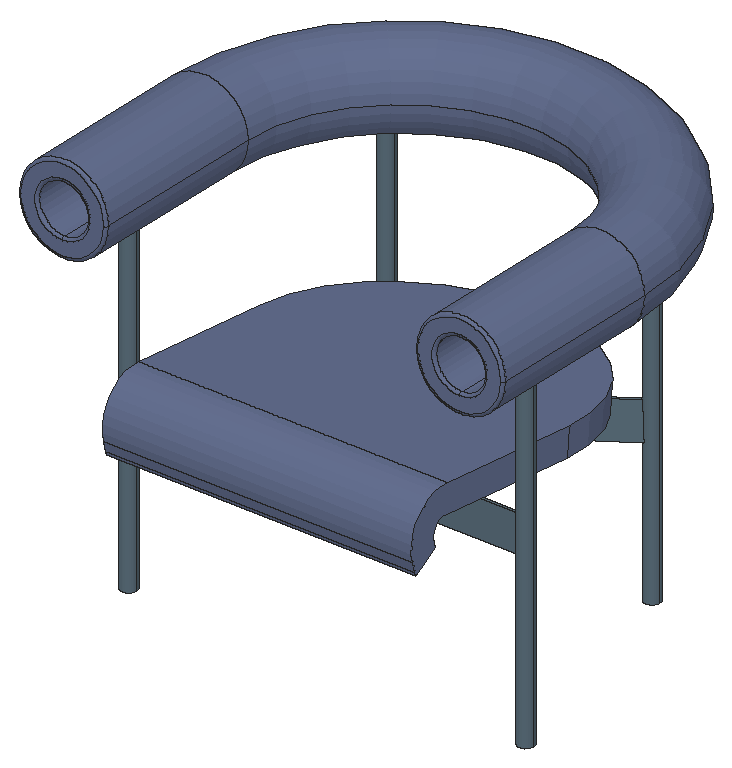
Revit family "Font_Easy_Chair_Offecct", category Furniture, Revit 2018
Family settings
  OmniClass Number = 23.40.20.14.14.11
  OmniClass Title = Chairs
  Work Plane-Based = No
  Always vertical = Yes
  Cut with Voids When Loaded = No
  Shared = No
  Room Calculation Point = No
Parameters (values of type "Font, Easy Chair")
  WarrantyStartDate [instance] = "n/a"
  WarrantyGuarantorParts = "n/a"
  WarrantyGuarantorLabor = "n/a"
  WarrantyDurationUnit = "n/a"
  WarrantyDurationParts = "n/a"
  WarrantyDurationLabor = "n/a"
  WarrantyDescription = "n/a"
  VersionDate = "21/01/2021"  # constant formula
  Version = "1"  # constant formula
  Uniclass2015Reference = "Pr_40_50_12_26"
  Uniclass2015Description = "Easy chairs"
  Uniclass2 = "Pr_40_50_12_48"
  URL = ""
  Type Comments = ""
  TagNumber [instance] = "n/a"
  SustainabilityPerformance = "n/a"
  Size = "880x770x760 mm"
  Shape = "n/a"
  SerialNumber [instance] = "n/a"
  SeatingHeight = 430 mm
  Revision = "n/a"
  ReplacementCost = "n/a"
  ProductInformation = "n/a"
  NominalLength = 880 mm
  NominalHeight = 760 mm
  NominalDepth = 770 mm
  Name = "Font_Easy_Chair"
  ModelReference = "n/a"
  ModelNumber = "10126"
  Material = "Steel&Fabric"
  ManufacturerURL = "https://www.offecct.com/"
  ManufacturerName = "Offecct"
  Model = "Font, Easy Chair"
  Manufacturer = "Offecct"
  LowestSeatingHeight = 371.816 mm
  InstallationDate [instance] = "n/a"
  IfcExportType = "CHAIR"  # constant formula
  IfcExportAs = "IfcFurnishingElementType"  # constant formula
  HighestSeatingHeight = 429.598 mm
  Grade = "n/a"
  Finish = "n/a"
  Features = "n/a"
  ExpectedLife = "n/a"
  DurationUnit = "n/a"
  Designer = "Matti Klenell"
  Cost = 0
  ConvergoRefNr = "0019-2101-0005-SE"
  Constituents = "n/a"
  Color = "Multiple"
  CodePerformance = "n/a"
  Barcode [instance] = "n/a"
  AssetIdentifier [instance] = "n/a"
  ArmchairSecondaryMaterial = Dark blue steel
  ArmchairMainMaterial = Kvadrat Halligndal Blue 754
  Category = "Easy Chairs"
  Brand = "Offecct"
  BIMObjectName = "Font_Easy_Chair_Offecct"
  AssetType = "Movable"
  AccessibilityPerformance = "n/a"
Reference planes
  plane 1 "Center (Front/Back)": y = 0
  plane 2: z = 0
  plane 3 "Center (Left/Right)": x = 0
  plane 4: y = 385
  plane 5: y = -385
  plane 6: x = -440
  plane 7: x = 440
  plane 8: z = 760
  plane 9: z = 430
  plane 10: z = 429.598
  plane 11: z = 371.816
Dimensions and locks
  equal spacing: plane 6, plane 3 "Center (Left/Right)", plane 7
  "NominalLength": plane 6 to plane 7
  equal spacing: plane 4, plane 1 "Center (Front/Back)", plane 5
  "NominalDepth": plane 4 to plane 5
  "NominalHeight": plane 8 to level
  "SeatingHeight": plane 9 to level
  "HighestSeatingHeight": plane 10 to level
  "LowestSeatingHeight": level to plane 11
  aligned and locked: level to plane 2
Nested families
  nested 1: "easy chair" at (0, 0, 0), Material 1 <- "ArmchairMainMaterial", Material 2 <- "ArmchairSecondaryMaterial", type "easy chair"
    with Material 2 Dark blue steel, Material 1 Kvadrat Halligndal Blue 754
Definition of nested family "easy chair"
  Parameters (values of type "easy chair")
    Material 2 [instance] = none
    Material 1 [instance] = none
  Reference planes
    plane 1 "Center (Front/Back)": y = 0
    plane 2: z = 0
    plane 3 "Center (Left/Right)": x = 0
    plane 4: x = -440
    plane 5: x = 440
    plane 6: y = 385
    plane 7: y = -385
    plane 8: z = 760
    plane 9: z = 430
  Forms (mm)
    Sweep 1, solid, material <- "Material 1", detail levels medium+fine
      path origin (0, 0, 680) x (1, 0, 0) y (0, 1, 0)
        loop
          line (-360, -375) -> (-360, -55)
          arc (-360, -55) -> (0, 305) -> (360, -55) r 360
          line (360, -55) -> (360, -375)
      profile origin (-360, -215, 680) x (-1, 0, 0) y (0, 0, 1)
        loop
          circle (0, 0) r 80
    Extrusion 2, solid, material <- "Material 2", detail levels medium+fine
      sketch origin (0, 0, 0) x (1, 0, 0) y (0, 1, 0)
        loop
          circle (-240.68, 210.595) r 14
        loop
          circle (240.68, 210.595) r 14
      from 0 to 651.353
    Extrusion 3, solid, material <- "Material 2", detail levels medium+fine
      sketch origin (0, 0, 0) x (1, 0, 0) y (0, 1, 0)
        loop
          circle (-360, -225) r 14
        loop
          circle (360, -225) r 14
      from 0 to 651.353
    Extrusion 4, solid, material <- "Material 2", detail levels medium+fine
      sketch origin (0, 0, -15.888) x (0, 1, 0) y (0, 0, 1)
        loop
          line (-222.313, 386.562) -> (-227.687, 386.562) -> (-227.687, 319.79) -> (-222.313, 319.79) -> (-222.313, 386.562)
      from -359.578 to 359.983
    Extrusion 5, solid, material <- "Material 2", detail levels medium+fine
      sketch origin (0, -37.347, -37.458) x (1, 0, 0) y (0, 0.994522, -0.104528)
        loop
          line (-2.5, -1.134) -> (-2.5, -226.614) -> (2.5, -226.614) -> (2.5, -1.134) -> (237.93, 204.866) -> (234.386, 208.41) -> (0, 3.322) -> (-236.739, 210.469) -> (-240.283, 206.926) -> (-2.5, -1.134)
      from 319.79 to 386.562
    Extrusion 6, void
      sketch origin (0, 0, -15.888) x (0, 1, 0) y (0, 0, 1)
        loop
          line (-227.687, 319.79) -> (-225.812, 319.79) -> (-227.687, 319.987) -> (-227.687, 386.562) -> (-234.493, 386.562) -> (-234.493, 319.79) -> (-227.687, 319.79)
      from -36.334 to 25.335
    Extrusion 7, solid, material <- "Material 1", detail levels medium+fine
      sketch origin (-140.438, 843.238, -11.472) x (0, 1, 0) y (0, 0, 1)
        loop
          line (-1150.653, 391.338) -> (-549.46, 328.843) -> (-544.29, 378.575) -> (-1145.483, 441.07)
          arc (-1145.483, 441.07) -> (-1210.802, 414.549) -> (-1225.26, 345.549) r 75
          line (-1225.26, 345.549) -> (-1219.895, 327.08) -> (-1218.24, 321.384) -> (-1197.257, 333.498) -> (-1173.651, 347.127) -> (-1177.245, 359.498)
          arc (-1177.245, 359.498) -> (-1172.426, 382.498) -> (-1150.653, 391.338) r 25
      from -139.562 to 420.438
    Extrusion 8, void
      sketch origin (0, -13.532, -19.672) x (1, 0, 0) y (0, 0.994522, -0.104528)
        loop
          line (-280, -420) -> (-280, -55.088)
          arc (-280, -55.088) -> (0, 224.912) -> (280, -55.088) r 280
          line (280, -55.088) -> (280, -420) -> (310, -420) -> (310, 348.331) -> (-315, 348.331) -> (-315, -420) -> (-280, -420)
      from 278.776 to 500.776
    Extrusion 9, solid, material <- "Material 1", detail levels coarse
      sketch origin (0, 0, 0) x (1, 0, 0) y (0, 1, 0)
        loop
          line (-440, 385) -> (-440, -385) -> (440, -385) -> (440, 385) -> (-440, 385)
      from 0 to 760
    Sweep 10, void
      path in 3D
        loop
          arc (440, -375, 680) -> (360, -375, 600) -> (280, -375, 680) r 80
          arc (280, -375, 680) -> (360, -375, 760) -> (440, -375, 680) r 80
      profile origin (360, -375, 760) x (0, 0, 1) y (0, -1, 0)
        loop
          line (0, 0) -> (-5, 0)
          arc (-5, 0) -> (-1.464, -1.464) -> (0, -5) r 5
          line (0, -5) -> (0, 0)
    Sweep 11, void
      path in 3D
        loop
          arc (-440, -375, 680) -> (-360, -375, 600) -> (-280, -375, 680) r 80
          arc (-280, -375, 680) -> (-360, -375, 760) -> (-440, -375, 680) r 80
      profile origin (-360, -375, 760) x (0, 0, -1) y (0, -1, 0)
        loop
          line (0, 0) -> (0, -5)
          arc (0, -5) -> (1.464, -1.464) -> (5, 0) r 5
          line (5, 0) -> (0, 0)
    Revolve 12, void
      sketch origin (-360, 0, 0) x (0, 1, 0) y (0, 0, 1)
        loop
          line (-255, 725) -> (-370, 725)
          arc (-370, 725) -> (-373.536, 726.464) -> (-375, 730) r 5
          line (-375, 730) -> (-375, 725) -> (-375, 680) -> (-255, 680) -> (-255, 725)
        axis (-255, 680) -> (-375, 680)
      angle from 0 to 360
    Revolve 13, void
      sketch origin (360, 0, 0) x (0, 1, 0) y (0, 0, -1)
        loop
          line (-255, -725) -> (-255, -680) -> (-375, -680) -> (-375, -725) -> (-375, -730)
          arc (-375, -730) -> (-373.536, -726.464) -> (-370, -725) r 5
          line (-370, -725) -> (-255, -725)
        axis (-255, -680) -> (-375, -680)
      angle from 0 to 360
  Cuts and joins
    Extrusion 6 cuts Extrusion 2
    Extrusion 6, Extrusion 8 cuts Extrusion 3
    Extrusion 6 cuts Extrusion 5
    joined: Extrusion 2, Extrusion 3, Extrusion 4, Extrusion 5
    Sweep 10, Sweep 11, Revolve 12, Revolve 13 cuts Sweep 1
    Extrusion 8, Sweep 10, Sweep 11, Revolve 13 cuts Extrusion 7
    joined: Sweep 1, Extrusion 7
  Lines and regions (mm)
    symbolic lines, detail levels medium+fine
      curve 1: line (0, -385, 0) -> (-280, -385, 0)
      curve 2: line (-280, -385, 0) -> (-280, -375.002, 0)
      curve 3: line (-280, -375.002, 0) -> (-440, -375, 0)
      curve 4: line (-440, -375, 0) -> (-440, -55, 0)
      curve 6: line (0, -385, 0) -> (280, -385, 0)
      curve 7: line (280, -385, 0) -> (280, -375.002, 0)
      curve 8: line (280, -375.002, 0) -> (440, -375, 0)
      curve 9: line (440, -375, 0) -> (440, -55, 0)
      curve 12: arc (-440, -55, 0) -> (0, 385, 0) -> (440, -55, 0) r 440
      curve 13: line (-346, 0, 0) -> (-346, 0, 303.901)
      curve 14: line (-346, 0, 303.901) -> (-254.68, 0, 303.901)
      curve 20: line (-226.68, 0, 0) -> (-226.68, 0, 259.5)
      curve 25: line (-254.68, 0, 0) -> (-254.68, 0, 303.901)
      curve 26: line (-374, 0, 0) -> (-374, 0, 601.235)
      curve 27: line (0, 0, 760) -> (-360, 0, 760)
      curve 33: arc (-360, 0, 760) -> (-439.691, 0, 687.027) -> (-374, 0, 601.235) r 80
      curve 46: line (-374, 0, 0) -> (-346, 0, 0)
      curve 47: line (-254.68, 0, 0) -> (-226.68, 0, 0)
      curve 49: line (346, 0, 0) -> (346, 0, 303.901)
      curve 50: line (346, 0, 303.901) -> (254.68, 0, 303.901)
      curve 56: line (226.68, 0, 0) -> (226.68, 0, 259.5)
      curve 61: line (254.68, 0, 0) -> (254.68, 0, 303.901)
      curve 62: line (374, 0, 0) -> (374, 0, 601.235)
      curve 63: line (0, 0, 760) -> (360, 0, 760)
      curve 69: arc (360, 0, 760) -> (439.691, 0, 687.027) -> (374, 0, 601.235) r 80
      curve 82: line (374, 0, 0) -> (346, 0, 0)
      curve 83: line (254.68, 0, 0) -> (226.68, 0, 0)
      curve 86: line (-226.68, 0, 259.5) -> (0, 0, 280.232)
      curve 87: line (226.68, 0, 259.5) -> (0, 0, 280.232)
      curve 88: line (0, -375, 760) -> (0, 305, 760)
      curve 89: line (0, -375, 600) -> (0, -239, 600)
      curve 90: line (0, -375, 600) -> (0, -375, 760)
      curve 91: arc (0, 305, 600) -> (0, 385, 680) -> (0, 305, 760) r 80
      curve 92: line (0, -239, 0) -> (0, -239, 372.754)
      curve 93: line (0, -239, 0) -> (0, -211, 0)
      curve 94: line (0, -211, 0) -> (0, -211, 302.345)
      curve 95: line (0, 196.595, 0) -> (0, 196.595, 259.505)
      curve 96: line (0, 196.595, 0) -> (0, 224.595, 0)
      curve 97: line (0, 224.595, 0) -> (0, 224.595, 324.563)
      curve 98: line (0, 253.608, 371.816) -> (0, 224.595, 374.832)
      curve 99: line (0, 253.608, 371.816) -> (0, 248.438, 322.084)
      curve 100: line (0, 248.438, 322.084) -> (0, 224.595, 324.563)
      curve 101: line (0, -330.414, 335.655) -> (0, -375.002, 309.912)
      curve 102: line (0, -330.414, 335.655) -> (0, -334.007, 348.026)
      curve 103: line (0, -375.002, 309.912) -> (0, -382.022, 334.077)
      curve 104: arc (0, -334.007, 348.026) -> (0, -329.188, 371.025) -> (0, -307.415, 379.866) r 25
      curve 105: arc (0, -302.245, 429.598) -> (0, -367.564, 403.076) -> (0, -382.022, 334.077) r 75
      curve 107: line (0, -211, 302.345) -> (0, -5.048, 280.698)
      curve 111: line (0, -5.048, 280.698) -> (0, 196.595, 259.505)
      curve 117: line (0, 224.595, 374.832) -> (0, 224.595, 600)
      curve 121: line (0, 224.595, 600) -> (0, 305, 600)
      curve 124: line (0, -239, 423.024) -> (0, -302.245, 429.598)
      curve 125: line (0, -239, 423.024) -> (0, -239, 600)
      curve 126: line (0, -239, 372.754) -> (0, -307.415, 379.866)
    symbolic lines, detail levels fine
      curve 5: line (-280, -375.002, 0) -> (-280, -54.528, 0)
      curve 10: line (280, -375.002, 0) -> (280, -54.528, 0)
      curve 11: arc (-280, -54.528, 0) -> (0, 225.472, 0) -> (280, -54.528, 0) r 280
      curve 15: line (-2.5, 0, 303.901) -> (-2.5, 0, 280.698)
      curve 16: line (-2.5, 0, 280.698) -> (-235.404, 0, 259.396)
      curve 17: line (-235.404, 0, 259.396) -> (-231.043, 0, 259.101)
      curve 18: line (-231.043, 0, 259.101) -> (-226.68, 0, 259.5)
      curve 19: line (-235.404, 0, 259.396) -> (-232.292, 0, 303.901)
      curve 21: line (-346, 0, 370.674) -> (-280, 0, 370.674)
      curve 22: line (-280, 0, 430) -> (-280, 0, 309.912)
      curve 23: line (-280, 0, 309.912) -> (-254.68, 0, 309.912)
      curve 24: line (-280, 0, 430) -> (-254.68, 0, 430)
      curve 28: line (-360, 0, 600) -> (-346, 0, 600)
      curve 29: circle (-360, 0, 680) r 45 normal (0, -1, 0)
      curve 30: line (-346, 0, 600) -> (-254.68, 0, 600)
      curve 31: line (-254.68, 0, 600) -> (-226.68, 0, 600)
      curve 32: line (-226.68, 0, 600) -> (0, 0, 600)
      curve 34: line (-346, 0, 370.674) -> (-346, 0, 600)
      curve 35: line (-346, 0, 303.901) -> (-346, 0, 370.674)
      curve 36: line (-254.68, 0, 303.901) -> (-232.292, 0, 303.901)
      curve 37: line (-226.68, 0, 309.912) -> (0, 0, 309.912)
      curve 38: line (-254.68, 0, 309.912) -> (-226.68, 0, 309.912)
      curve 39: line (-226.68, 0, 303.901) -> (-2.5, 0, 303.901)
      curve 40: line (-232.292, 0, 303.901) -> (-226.68, 0, 303.901)
      curve 41: line (-254.68, 0, 430) -> (-254.68, 0, 600)
      curve 42: line (-254.68, 0, 430) -> (-226.68, 0, 430)
      curve 43: line (-226.68, 0, 430) -> (0, 0, 430)
      curve 44: line (-226.68, 0, 430) -> (-226.68, 0, 600)
      curve 45: arc (-360, 0, 600) -> (-280, 0, 680) -> (-360, 0, 760) r 80
      curve 48: arc (-374, 0, 601.235) -> (-367.027, 0, 600.309) -> (-360, 0, 600) r 80
      curve 51: line (2.5, 0, 303.901) -> (2.5, 0, 280.698)
      curve 52: line (2.5, 0, 280.698) -> (235.404, 0, 259.396)
      curve 53: line (235.404, 0, 259.396) -> (231.043, 0, 259.101)
      curve 54: line (231.043, 0, 259.101) -> (226.68, 0, 259.5)
      curve 55: line (235.404, 0, 259.396) -> (232.292, 0, 303.901)
      curve 57: line (346, 0, 370.674) -> (280, 0, 370.674)
      curve 58: line (280, 0, 430) -> (280, 0, 309.912)
      curve 59: line (280, 0, 309.912) -> (254.68, 0, 309.912)
      curve 60: line (280, 0, 430) -> (254.68, 0, 430)
      curve 64: line (360, 0, 600) -> (346, 0, 600)
      curve 65: circle (360, 0, 680) r 45 normal (0, 1, 0)
      curve 66: line (346, 0, 600) -> (254.68, 0, 600)
      curve 67: line (254.68, 0, 600) -> (226.68, 0, 600)
      curve 68: line (226.68, 0, 600) -> (0, 0, 600)
      curve 70: line (346, 0, 370.674) -> (346, 0, 600)
      curve 71: line (346, 0, 303.901) -> (346, 0, 370.674)
      curve 72: line (254.68, 0, 303.901) -> (232.292, 0, 303.901)
      curve 73: line (226.68, 0, 309.912) -> (0, 0, 309.912)
      curve 74: line (254.68, 0, 309.912) -> (226.68, 0, 309.912)
      curve 75: line (226.68, 0, 303.901) -> (2.5, 0, 303.901)
      curve 76: line (232.292, 0, 303.901) -> (226.68, 0, 303.901)
      curve 77: line (254.68, 0, 430) -> (254.68, 0, 600)
      curve 78: line (254.68, 0, 430) -> (226.68, 0, 430)
      curve 79: line (226.68, 0, 430) -> (0, 0, 430)
      curve 80: line (226.68, 0, 430) -> (226.68, 0, 600)
      curve 81: arc (360, 0, 600) -> (280, 0, 680) -> (360, 0, 760) r 80
      curve 84: arc (374, 0, 601.235) -> (367.027, 0, 600.309) -> (360, 0, 600) r 80
      curve 85: line (-2.5, 0, 303.901) -> (2.5, 0, 303.901)
      curve 106: line (0, -5.048, 280.698) -> (0, 1.918, 347.71)
      curve 108: line (0, -211, 302.345) -> (0, -211, 369.843)
      curve 109: line (0, -211, 369.843) -> (0, -211, 420.113)
      curve 110: line (0, 1.918, 347.71) -> (0, -211, 369.843)
      curve 112: line (0, 196.595, 259.505) -> (0, 196.595, 327.473)
      curve 113: line (0, 196.595, 327.473) -> (0, 196.595, 377.743)
      curve 114: line (0, 196.595, 327.473) -> (0, 1.918, 347.71)
      curve 115: line (0, 196.595, 377.743) -> (0, 196.595, 600)
      curve 116: line (0, 196.595, 377.743) -> (0, -211, 420.113)
      curve 118: line (0, 224.595, 324.563) -> (0, 224.595, 374.832)
      curve 119: line (0, -211, 600) -> (0, 196.595, 600)
      curve 120: line (0, -239, 600) -> (0, -211, 600)
      curve 122: line (0, 196.595, 600) -> (0, 224.595, 600)
      curve 123: line (0, -211, 420.113) -> (0, -211, 600)
      curve 127: line (0, -239, 372.754) -> (0, -239, 423.024)
    sketch lines
      curve 128: arc (280, -375, 680) -> (360, -375, 760) -> (440, -375, 680) r 80
      curve 129: arc (440, -375, 680) -> (360, -375, 600) -> (280, -375, 680) r 80
      curve 130: arc (-280, -375, 680) -> (-360, -375, 760) -> (-440, -375, 680) r 80
      curve 131: arc (-440, -375, 680) -> (-360, -375, 600) -> (-280, -375, 680) r 80
  Dimensions and locks
    equal spacing: plane 4, plane 3 "Center (Left/Right)", plane 5
    plane 4 to plane 5 = 880 mm
    equal spacing: plane 6, plane 1 "Center (Front/Back)", plane 7
    plane 6 to plane 7 = 770 mm
    plane 8 to level = 760 mm
    aligned and locked: level to plane 2
  Automatic sketch dimensions
    curve 104 to curve 105 = 0 mm  (x2)
    curve 90 to plane 8 = 0 mm
    curve 93 to level = 0 mm
    curve 96 to level = 0 mm
    plane 7 to curve 103 = 2.978 mm
    plane 7 to curve 103 = 9.998 mm
    plane 7 to curve 90 = 10 mm
    curve 103 to curve 102 = 48.015 mm
    curve 104 to curve 102 = 3.594 mm
    curve 102 to curve 105 = 24.007 mm
    curve 104 to curve 126 = 2.585 mm
    curve 124 to plane 9 = 0.402 mm
    curve 104 to curve 124 = 5.17 mm
    curve 127 to plane 9 = 6.976 mm
    curve 124 to curve 127 = 63.245 mm
    curve 92 to curve 107 = 28 mm
    plane 1 "Center (Front/Back)" to curve 111 = 5.048 mm
    curve 110 to plane 1 "Center (Front/Back)" = 1.918 mm
    curve 95 to plane 6 = 188.405 mm
    curve 112 to curve 118 = 28 mm
    curve 97 to curve 99 = 23.844 mm
    curve 99 to plane 9 = 58.184 mm
    curve 98 to curve 99 = 29.013 mm
    curve 91 to plane 6 = 80 mm
    curve 111 to curve 98 = 112.311 mm
    curve 106 to plane 9 = 149.302 mm
    curve 94 to curve 124 = 120.679 mm
    curve 103 to plane 9 = 120.088 mm
    curve 100 to curve 98 = 49.732 mm
    curve 97 to curve 113 = 2.911 mm
    curve 101 to curve 103 = 24.165 mm
    curve 101 to curve 104 = 19.345 mm
    curve 101 to curve 102 = 12.371 mm
    curve 108 to curve 92 = 2.911 mm
    curve 98 to curve 115 = 2.911 mm
    curve 116 to plane 9 = 9.887 mm
    curve 117 to plane 8 = 160 mm
    curve 29 to curve 33 = 0 mm  (x2)
    curve 29 to curve 45 = 0 mm  (x2)
    curve 29 to curve 48 = 0 mm  (x2)
    curve 33 to curve 45 = 0 mm  (x2)
    curve 33 to curve 48 = 0 mm  (x2)
    curve 45 to curve 48 = 0 mm  (x2)
    curve 65 to curve 69 = 0 mm  (x2)
    curve 65 to curve 81 = 0 mm  (x2)
    curve 65 to curve 84 = 0 mm  (x2)
    curve 69 to curve 81 = 0 mm  (x2)
    curve 69 to curve 84 = 0 mm  (x2)
    curve 81 to curve 84 = 0 mm  (x2)
    curve 26 to level = 0 mm
    curve 45 to plane 8 = 0 mm
    curve 22 to plane 9 = 0 mm
    curve 47 to level = 0 mm
    curve 37 to plane 3 "Center (Left/Right)" = 0 mm
    curve 86 to plane 3 "Center (Left/Right)" = 0 mm
    curve 27 to plane 3 "Center (Left/Right)" = 0 mm
    curve 32 to plane 3 "Center (Left/Right)" = 0 mm
    curve 43 to plane 3 "Center (Left/Right)" = 0 mm
    curve 56 to level = 0 mm
    curve 49 to level = 0 mm
    curve 15 to plane 3 "Center (Left/Right)" = 2.5 mm
    curve 31 to plane 8 = 160 mm
    plane 4 to curve 31 = 213.32 mm
    curve 42 to curve 86 = 0 mm
    curve 37 to curve 18 = 0 mm
    curve 37 to curve 40 = 0 mm
    curve 18 to curve 18 = 4.363 mm
    curve 40 to curve 39 = 5.612 mm
    curve 19 to curve 17 = 4.361 mm
    curve 41 to curve 31 = 28 mm
    curve 36 to curve 19 = 22.388 mm
    curve 38 to curve 14 = 0 mm
    curve 24 to curve 24 = 25.32 mm
    curve 34 to curve 21 = 66 mm
    plane 4 to curve 45 = 80 mm
    curve 46 to curve 13 = 28 mm
    plane 3 "Center (Left/Right)" to curve 51 = 2.5 mm
    plane 5 to curve 78 = 213.32 mm
    plane 5 to curve 56 = 213.32 mm
    curve 73 to curve 54 = 0 mm
    curve 73 to curve 75 = 0 mm
    curve 54 to curve 53 = 4.363 mm
    curve 75 to curve 76 = 5.612 mm
    curve 53 to curve 55 = 4.361 mm
    curve 67 to curve 66 = 28 mm
    curve 55 to curve 61 = 22.388 mm
    curve 74 to curve 50 = 0 mm
    curve 60 to curve 60 = 25.32 mm
    curve 58 to curve 49 = 66 mm
    plane 5 to curve 69 = 80 mm
    curve 49 to curve 62 = 28 mm
    curve 17 to plane 9 = 170.899 mm
    curve 53 to plane 9 = 170.899 mm
    curve 53 to curve 55 = 0.296 mm
    curve 17 to curve 16 = 0.296 mm
    curve 53 to curve 56 = 0.399 mm
    curve 17 to curve 20 = 0.399 mm
    curve 86 to curve 43 = 149.768 mm
    curve 86 to curve 51 = 0.466 mm
    curve 86 to curve 16 = 0.466 mm
    curve 51 to curve 85 = 23.203 mm
    curve 51 to curve 73 = 6.01 mm
    curve 35 to plane 9 = 59.326 mm
    curve 70 to plane 9 = 59.326 mm
    curve 4 to plane 4 = 0 mm
    curve 2 to plane 7 = 0 mm
    curve 11 to plane 3 "Center (Left/Right)" = 0 mm
    curve 12 to plane 3 "Center (Left/Right)" = 0 mm
    curve 1 to plane 3 "Center (Left/Right)" = 0 mm
    plane 7 to curve 3 = 9.998 mm
    plane 4 to curve 3 = 160 mm
    curve 6 to curve 7 = 9.998 mm
    plane 7 to curve 9 = 10 mm
    plane 7 to curve 4 = 10 mm
    plane 1 "Center (Front/Back)" to curve 4 = 55 mm
    plane 1 "Center (Front/Back)" to curve 10 = 54.528 mm
    Sweep 1 sketch curve to plane 3 "Center (Left/Right)" = 0 mm
    plane 4 to Sweep 1 sketch curve = 80 mm
    plane 1 "Center (Front/Back)" to Sweep 1 sketch curve = 55 mm
    plane 7 to Sweep 1 sketch curve = 10 mm  (x2)
    Sweep 1 sketch curve to profile plane = 0 mm  (x2)
    plane 4 to Extrusion 2 sketch curve = 199.32 mm
    plane 5 to Extrusion 2 sketch curve = 199.32 mm
    Extrusion 2 sketch curve to plane 6 = 174.405 mm  (x2)
    plane 4 to Extrusion 3 sketch curve = 80 mm
    plane 5 to Extrusion 3 sketch curve = 80 mm
    plane 7 to Extrusion 3 sketch curve = 160 mm  (x2)
    Extrusion 4 sketch curve to plane 9 = 59.326 mm
    plane 7 to Extrusion 4 sketch curve = 157.313 mm
    Extrusion 4 sketch curve to Extrusion 4 sketch curve = 5.375 mm
    Extrusion 4 sketch curve to Extrusion 4 sketch curve = 66.772 mm
    Extrusion 5 sketch curve to plane 3 "Center (Left/Right)" = 0 mm
    Extrusion 5 sketch curve to plane 3 "Center (Left/Right)" = 2.5 mm
    plane 4 to Extrusion 5 sketch curve = 203.261 mm
    Extrusion 5 sketch curve to Extrusion 5 sketch curve = 3.543 mm  (x4)
    plane 3 "Center (Left/Right)" to Extrusion 5 sketch curve = 2.5 mm
    plane 5 to Extrusion 5 sketch curve = 205.614 mm
    Extrusion 5 sketch curve to Extrusion 5 sketch curve = 225.479 mm
    Extrusion 5 sketch curve to Extrusion 5 sketch curve = 0 mm
    Extrusion 5 sketch curve to Extrusion 5 sketch curve = 4.456 mm
    Extrusion 5 sketch curve to Extrusion 5 sketch curve = 201.545 mm
    Extrusion 5 sketch curve to Extrusion 5 sketch curve = 203.604 mm
    plane 7 to Extrusion 6 sketch curve = 150.507 mm
    Extrusion 6 sketch curve to Extrusion 6 sketch curve = 6.805 mm  (x2)
    Extrusion 6 sketch curve to Extrusion 6 sketch curve = 1.876 mm
    Extrusion 6 sketch curve to plane 9 = 126.099 mm
    Extrusion 6 sketch curve to Extrusion 6 sketch curve = 0.197 mm
    Extrusion 6 sketch curve to plane 9 = 59.326 mm
    Extrusion 7 sketch curve to Extrusion 7 sketch curve = 0 mm  (x2)
    plane 7 to Extrusion 7 sketch curve = 2.978 mm
    plane 7 to Extrusion 7 sketch curve = 8.343 mm
    Extrusion 7 sketch curve to Extrusion 7 sketch curve = 1.655 mm
    Extrusion 7 sketch curve to Extrusion 7 sketch curve = 22.637 mm
    Extrusion 7 sketch curve to Extrusion 7 sketch curve = 20.012 mm
    Extrusion 7 sketch curve to Extrusion 7 sketch curve = 3.594 mm
    Extrusion 7 sketch curve to Extrusion 7 sketch curve = 24.007 mm
    Extrusion 7 sketch curve to plane 9 = 50.134 mm
    Extrusion 7 sketch curve to Extrusion 7 sketch curve = 2.585 mm
    Extrusion 7 sketch curve to plane 9 = 0.402 mm
    Extrusion 7 sketch curve to Extrusion 7 sketch curve = 5.17 mm
    Extrusion 7 sketch curve to plane 6 = 91.223 mm
    Extrusion 7 sketch curve to plane 9 = 62.897 mm
    Extrusion 7 sketch curve to Extrusion 7 sketch curve = 64.258 mm
    Extrusion 7 sketch curve to Extrusion 7 sketch curve = 5.697 mm
    Extrusion 7 sketch curve to Extrusion 7 sketch curve = 6.418 mm
    Extrusion 7 sketch curve to Extrusion 7 sketch curve = 18.469 mm
    Extrusion 7 sketch curve to Extrusion 7 sketch curve = 12.371 mm
    Extrusion 8 sketch curve to plane 3 "Center (Left/Right)" = 0 mm
    plane 4 to Extrusion 8 sketch curve = 160 mm
    Extrusion 8 sketch curve to Extrusion 8 sketch curve = 35 mm
    Extrusion 8 sketch curve to Extrusion 8 sketch curve = 30 mm
    Extrusion 8 sketch curve to Extrusion 8 sketch curve = 0 mm
    Extrusion 8 sketch curve to Extrusion 8 sketch curve = 364.912 mm
    Extrusion 8 sketch curve to Extrusion 8 sketch curve = 403.418 mm
    Extrusion 9 sketch curve to plane 4 = 0 mm
    Extrusion 9 sketch curve to plane 5 = 0 mm
    Extrusion 9 sketch curve to plane 7 = 0 mm
    Extrusion 9 sketch curve to plane 6 = 0 mm
    Sweep 10 sketch curve to profile plane = 0 mm
    profile plane to Sweep 10 sketch curve = 0 mm
    profile plane to Sweep 10 sketch curve = 5 mm
    Sweep 11 sketch curve to profile plane = 0 mm  (x2)
    Sweep 11 sketch curve to profile plane = 5 mm
    plane 7 to Revolve 12 sketch curve = 10 mm
    Revolve 12 sketch curve to Revolve 12 sketch curve = 5 mm
    Revolve 12 sketch curve to plane 8 = 35 mm
    Revolve 12 sketch curve to Revolve 12 sketch curve = 115 mm
    Revolve 12 sketch curve to Revolve 12 sketch curve = 0 mm  (x3)
    Revolve 12 sketch curve to Revolve 12 sketch curve = 45 mm
    Revolve 12 sketch curve to plane 7 = 20 mm
    plane 7 to Revolve 13 sketch curve = 10 mm
    Revolve 13 sketch curve to Revolve 13 sketch curve = 5 mm  (x2)
    Revolve 13 sketch curve to plane 8 = 35 mm
    Revolve 13 sketch curve to Revolve 13 sketch curve = 115 mm
    Revolve 13 sketch curve to Revolve 13 sketch curve = 45 mm
    Revolve 13 sketch curve to plane 7 = 20 mm
    Revolve 13 sketch curve to Revolve 13 sketch curve = 0 mm  (x2)
    radius of curve 29 = 45 mm
    radius of curve 65 = 45 mm
    radius of Sweep 1 sketch curve = 80 mm
    radius of Extrusion 2 sketch curve = 14 mm  (x2)
    radius of Extrusion 3 sketch curve = 14 mm  (x2)
